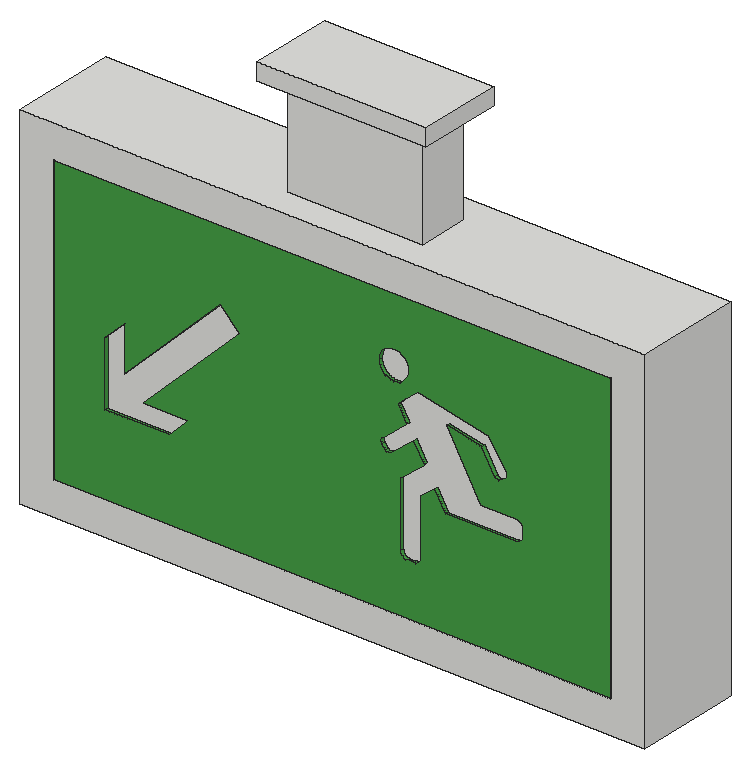
Revit family "T93063E Kubus65 LED 32m 2-s syrefast stål LED driver_Tak", category Lighting Fixtures, Revit 2016
Family settings
  Part Type = Normal
  Round Connector Dimension = Use Diameter
  OmniClass Number = 23.80.70.11.21
  OmniClass Title = Emergency Lighting
  Work Plane-Based = No
  Always vertical = Yes
  Cut with Voids When Loaded = No
  Light Source = Yes
  Shared = No
  Room Calculation Point = No
Parameters (values of type "MarkeringsLys (45 Ned mot venstre)")
  Width 1 = 30 mm  # constant formula
  Width = 63.5 mm  # constant formula
  Wattage Comments = "17 W"
  Wattage = 9.2903 W
  built-in parameter 1150110 = 1 (stored number, unit not read)
  Voltage = 230 V
  URL = ""
  Type Comments = "-UN"
  built-in parameter 1114217 = 1 (stored number, unit not read)
  Tilt Angle = 90.00°
  built-in parameter 1150109 = 1 (stored number, unit not read)
  built-in parameter 1150134 = 3
  Symbol Positive Direction [instance] = yes
  Symbol Offset Side [instance] = 0 mm
  Symbol Offset Out [instance] = 0 mm
  built-in parameter 1150113 = 1 (stored number, unit not read)
  Reference Line Out [instance] = 50 mm
  Photometric Web File = "20x42A12.ies"
  Number of Poles = 1
  NS8360 = "4431_WT2"
  Markeringslys normal = no
  Markeringslys ikke normal = yes
  MarkeringsLys Venstre = no
  MarkeringsLys Opp = no
  MarkeringsLys Ned = no
  MarkeringsLys Høyre = no
  MarkeringsLys 45 Opp mot venstre = no
  MarkeringsLys 45 Opp mot høyre = no
  MarkeringsLys 45 Ned mot venstre = yes
  MarkeringsLys 45 Ned mot høyre = no
  MarkeringsLys = yes
  built-in parameter 1150105 = 109.82 (stored number, unit not read)
  Lumens = 1380 lm
  built-in parameter 1150115 = 1 (stored number, unit not read)
  Load Classification [instance] = Other
  Model = ""
  Manufacturer = "Honeywell"
  built-in parameter 1150137 = (empty or 0)
  built-in parameter 1150139 = (empty or 0)
  Length 3 = 80 mm  # constant formula
  Length 1 = Length - 40 mm  # 330 mm
  Length = 370 mm  # constant formula
  LedeLys = no
  built-in parameter 1150112 = 1 (stored number, unit not read)
  built-in parameter 1150114 = 1 (stored number, unit not read)
  Lamp = "1"
  Keynote = "WT2"
  built-in parameter 1150132 = (empty or 0)
  built-in parameter 1150102 = (empty or 0)
  built-in parameter 1150107 = 3200 (stored number, unit not read)
  built-in parameter 1150138 = (empty or 0)
  built-in parameter 1150106 = 1.0982 (stored number, unit not read)
  Height 2 = 70 mm  # constant formula
  Height 1 = Height - 39 mm  # 170 mm
  Height = 209 mm  # constant formula
  Emit from Rectangle Width = Height  # 209 mm
  Emit from Rectangle Length = Length  # 370 mm
  Emit Shape Visible in Rendering = no
  built-in parameter 1150104 = 13.8 (stored number, unit not read)
  Dimming Lamp Color Temperature Shift = <None>
  Description = ""
  Color Filter = 16777215
  Body Material and Colour = Steel
  built-in parameter 1114218 = 1 (stored number, unit not read)
  built-in parameter 1150133 = 10 (stored number, unit not read)
  Assembly Code = "4431"
  Apparent Load = 17 VA
Types (9, lengths in mm): name | NS8360 | Markeringslys normal | Markeringslys ikke normal | MarkeringsLys Venstre | MarkeringsLys Opp | MarkeringsLys Ned | MarkeringsLys Høyre | MarkeringsLys 45 Opp mot venstre | MarkeringsLys 45 Opp mot høyre | MarkeringsLys 45 Ned mot venstre | MarkeringsLys 45 Ned mot høyre | MarkeringsLys | LedeLys | Assembly Code
  LedeLys | "4432_WT2" | yes | no | no | no | no | no | no | no | no | no | no | yes | "4432"
  MarkeringsLys (Ned) | "4431_WT2" | yes | no | no | no | yes | no | no | no | no | no | yes | no | "4431"
  MarkeringsLys (Opp) | "4431_WT2" | yes | no | no | yes | no | no | no | no | no | no | yes | no | "4431"
  MarkeringsLys (45 Ned mot høyre) | "4431_WT2" | yes | no | no | no | no | no | no | no | no | yes | yes | no | "4431"
  MarkeringsLys (45 Ned mot venstre) | "4431_WT2" | no | yes | no | no | no | no | no | no | yes | no | yes | no | "4431"
  MarkeringsLys (45 Opp mot høyre) | "4431_WT2" | yes | no | no | no | no | no | no | yes | no | no | yes | no | "4431"
  MarkeringsLys (45 Opp mot venstre) | "4431_WT2" | no | yes | no | no | no | no | yes | no | no | no | yes | no | "4431"
  MarkeringsLys (Høyre) | "4431_WT2" | yes | no | no | no | no | yes | no | no | no | no | yes | no | "4431"
  MarkeringsLys (Venstre) | "4431_WT2" | no | yes | yes | no | no | no | no | no | no | no | yes | no | "4431"
Reference planes
  plane 1 "Light Source Axis (F/B)": y = 119.961
  plane 2 "Top": z = 83
  plane 3 "Light Source Axis (L/R)": x = 0
  plane 4 "Level": z = 0
  plane 5: x = -185
  plane 6: x = 185
  plane 7: x = -165
  plane 8: x = 165
  plane 9: z = -174.5
  plane 10: z = -70
  plane 11: z = -279
  plane 12: z = -89.5
  plane 13: z = -259.5
  plane 14: y = 151.711
  plane 15: y = 88.211
  plane 16: x = -40
  plane 17: x = 40
  plane 18: y = 134.961
  plane 19: y = 104.961
  plane 20: y = 90.211
  plane 21: y = 149.711
Forms (mm)
  Extrusion 1, solid, material "Steel" <- "Body Material and Colour"
    sketch origin (0, 119.961, -31.25) x (1, 0, 0) y (0, 0, 1)
      loop
        line (-185, -38.75) -> (-185, -247.75) -> (185, -247.75) -> (185, -38.75) -> (-185, -38.75)
      loop
        line (-165, -58.25) -> (-165, -228.25) -> (165, -228.25) -> (165, -58.25) -> (-165, -58.25)
    from -31.75 to 31.75
  Extrusion 2, solid, material "Steel" <- "Body Material and Colour"
    sketch origin (0, 0, 0) x (1, 0, 0) y (0, 1, 0)
      loop
        line (-40, 134.961) -> (-40, 104.961) -> (40, 104.961) -> (40, 134.961) -> (-40, 134.961)
    from 0 to -70
  Extrusion 3, solid, material "Steel" <- "Body Material and Colour"
    sketch origin (0, 0, 0) x (0, 1, 0) y (0, 0, 1)
      loop
        line (149.711, -70) -> (90.211, -70) -> (90.211, -279) -> (149.711, -279) -> (149.711, -70)
    from -185 to 185
  Extrusion 4, solid, material "Steel" <- "Body Material and Colour"
    sketch origin (0, 0, 0) x (1, 0, 0) y (0, 1, 0)
      loop
        line (-50, 144.961) -> (-50, 94.961) -> (50, 94.961) -> (50, 144.961) -> (-50, 144.961)
    from 0 to -10
Cuts and joins
  joined: Extrusion 1, Extrusion 2, Extrusion 3, Extrusion 4
Lines and regions (mm)
  model lines, style "InvisibleLines"
    curve 1: line (0, 119.961, 0) -> (0, 169.961, 0)
  symbolic lines, style "InvisibleLines"
    curve 2: line (0, 119.961, 0) -> (0, 119.961, 50)
Dimensions and locks
  equal spacing: plane 5, plane 3 "Light Source Axis (L/R)", plane 6
  "Length": plane 5 to plane 6
  equal spacing: plane 7, plane 3 "Light Source Axis (L/R)", plane 8
  "Length 1": plane 7 to plane 8
  "Reference Line Out": plane 1 "Light Source Axis (F/B)" to curve 1
  "Height 2": plane 4 "Level" to plane 10
  "Emit from Rectangle Width": plane 10 to plane 11
  equal spacing: plane 10, plane 9, plane 11
  equal spacing: plane 12, plane 9, plane 13
  "Height 1": plane 12 to plane 13
  equal spacing: plane 14, plane 1 "Light Source Axis (F/B)", plane 15
  "Width": plane 14 to plane 15
  equal spacing: plane 16, plane 3 "Light Source Axis (L/R)", plane 17
  "Length 3": plane 16 to plane 17
  equal spacing: plane 18, plane 1 "Light Source Axis (F/B)", plane 19
  "Width 1": plane 18 to plane 19
  locked: Extrusion 4 sketch curve to plane 16 at 10
  locked: plane 17 to Extrusion 4 sketch curve at 10
  locked: plane 19 to Extrusion 4 sketch curve at 10
  locked: plane 18 to Extrusion 4 sketch curve at 10
  aligned and locked: plane 4 "Level" to level
  aligned and locked: plane 3 "Light Source Axis (L/R)" to nested 2
  aligned and locked: plane 1 "Light Source Axis (F/B)" to nested 2
  aligned and locked: Extrusion 1 sketch curve to plane 6
  aligned and locked: plane 5 to Extrusion 1 sketch curve
  aligned and locked: Extrusion 1 sketch curve to plane 7
  aligned and locked: Extrusion 1 sketch curve to plane 8
  aligned and locked: plane 9 to imposter light
  aligned and locked: imposter light to plane 3 "Light Source Axis (L/R)"
  aligned and locked: plane 1 "Light Source Axis (F/B)" to curve 1
  aligned and locked: plane 3 "Light Source Axis (L/R)" to curve 1
  aligned and locked: Extrusion 2 to plane 10
  aligned and locked: Extrusion 1 to plane 11
  aligned and locked: plane 10 to Extrusion 1
  aligned and locked: nested 1 to plane 3 "Light Source Axis (L/R)"
  aligned and locked: Extrusion 1 to Extrusion 3 sketch curve
  aligned and locked: plane 3 "Light Source Axis (L/R)" to nested 4
  aligned and locked: nested 6 to plane 3 "Light Source Axis (L/R)"
  aligned and locked: nested 6 to plane 9
  aligned and locked: plane 3 "Light Source Axis (L/R)" to nested 5
  aligned and locked: plane 9 to nested 5
  aligned and locked: nested 8 to plane 3 "Light Source Axis (L/R)"
  aligned and locked: nested 8 to plane 9
  aligned and locked: plane 9 to nested 7
  aligned and locked: plane 3 "Light Source Axis (L/R)" to nested 7
  aligned and locked: nested 9 to plane 9
  aligned and locked: nested 9 to plane 3 "Light Source Axis (L/R)"
  aligned and locked: plane 9 to nested 4
  aligned and locked: plane 3 "Light Source Axis (L/R)" to nested 3
  aligned and locked: plane 9 to nested 3
  aligned and locked: plane 9 to nested 10
  aligned and locked: plane 3 "Light Source Axis (L/R)" to nested 10
  aligned and locked: nested 11 to plane 3 "Light Source Axis (L/R)"
  aligned and locked: nested 11 to plane 9
  aligned and locked: plane 9 to nested 12
  aligned and locked: nested 13 to plane 9
  aligned and locked: plane 3 "Light Source Axis (L/R)" to nested 12
  aligned and locked: nested 13 to plane 3 "Light Source Axis (L/R)"
  aligned and locked: nested 15 to plane 9
  aligned and locked: plane 9 to nested 14
  aligned and locked: plane 3 "Light Source Axis (L/R)" to nested 14
  aligned and locked: nested 15 to plane 3 "Light Source Axis (L/R)"
  aligned and locked: plane 3 "Light Source Axis (L/R)" to nested 16
  aligned and locked: nested 17 to plane 3 "Light Source Axis (L/R)"
  aligned and locked: nested 17 to plane 9
  aligned and locked: plane 9 to nested 16
  aligned and locked: plane 17 to Extrusion 2
  aligned and locked: Extrusion 2 to plane 16
  aligned and locked: plane 18 to Extrusion 2
  aligned and locked: Extrusion 2 to plane 19
  aligned and locked: plane 14 to cut or joined group of Extrusion 1, Extrusion 2, Extrusion 3, Extrusion 4
  aligned and locked: nested 16 to plane 15
  aligned and locked: nested 17 to plane 14
  aligned and locked: Extrusion 1 sketch curve to plane 12
  aligned and locked: Extrusion 1 sketch curve to plane 13
  aligned and locked: cut or joined group of Extrusion 1, Extrusion 2, Extrusion 3, Extrusion 4 to plane 15
  aligned and locked: cut or joined group of Extrusion 1, Extrusion 2, Extrusion 3, Extrusion 4 to plane 20
  aligned and locked: plane 21 to cut or joined group of Extrusion 1, Extrusion 2, Extrusion 3, Extrusion 4
  aligned and locked: imposter light to plane 14
  aligned and locked: nested 11 to plane 14
  aligned and locked: nested 10 to plane 15
  aligned and locked: nested 13 to plane 14
  aligned and locked: nested 12 to plane 15
  aligned and locked: nested 8 to plane 14
  aligned and locked: nested 5 to plane 15
  aligned and locked: nested 15 to plane 14
  aligned and locked: nested 14 to plane 15
  aligned and locked: nested 9 to plane 14
  aligned and locked: nested 7 to plane 15
  aligned and locked: nested 1 to plane 14
  aligned and locked: nested 3 to plane 15
  aligned and locked: nested 6 to plane 14
  aligned and locked: nested 4 to plane 15
  aligned and locked: plane 3 "Light Source Axis (L/R)" to curve 2
  aligned and locked: plane 4 "Level" to curve 2
  aligned and locked: plane 3 "Light Source Axis (L/R)" to nested 18
  aligned and locked: plane 1 "Light Source Axis (F/B)" to nested 18
Automatic sketch dimensions
  Extrusion 1 sketch curve to plane 11 = 0 mm
  Extrusion 1 sketch curve to plane 10 = 0 mm
  Extrusion 2 sketch curve to plane 3 "Light Source Axis (L/R)" = 40 mm
  plane 3 "Light Source Axis (L/R)" to Extrusion 2 sketch curve = 40 mm
  Extrusion 2 sketch curve to plane 14 = 16.75 mm
  plane 15 to Extrusion 2 sketch curve = 16.75 mm
  Extrusion 3 sketch curve to plane 11 = 0 mm
  plane 1 "Light Source Axis (F/B)" to Extrusion 3 sketch curve = 29.75 mm
  Extrusion 3 sketch curve to plane 1 "Light Source Axis (F/B)" = 29.75 mm
  plane 2 "Top" to curve 2 = 33 mm
Nested families
  nested 1: "Formula 65_ned" at (0, 149.711, -174.5), type "Formula 65"
  nested 2: "LedelysS" at (0, 119.961, 0), visible <- "LedeLys", type "Type 1"
  nested 3: "Formula 65_ned" at (0, 90.211, -174.5), visible <- "MarkeringsLys Ned", type "Formula 65"
  nested 4: "Formula 65_opp" at (0, 90.211, -174.5), visible <- "MarkeringsLys Opp", type "Formula 65"
  nested 5: "Formula 65_skrått 45 grader ned mot venstre" at (0, 90.211, -174.5), type "Formula 65"
    with 45 ned mot venstre yes
  nested 6: "Formula 65_opp" at (0, 149.711, -174.5), type "Formula 65"
  nested 7: "Formula 65_skrått 45 grader opp mot venstre" at (0, 90.211, -174.5), type "Formula 65"
  nested 8: "Formula 65_skrått 45 grader ned mot venstre" at (0, 149.711, -174.5), type "Formula 65"
    with 45 ned mot venstre yes
  nested 9: "Formula 65_skrått 45 grader opp mot venstre" at (0, 149.711, -174.5), type "Formula 65"
  nested 10: "Formula 65_høyre" at (0, 90.211, -174.5), type "Formula 65"
  nested 11: "Formula 65_høyre" at (0, 149.711, -174.5), type "Formula 65"
  nested 12: "Formula 65_skrått 45 grader ned mot høyre" at (0, 90.211, -174.5), type "Formula 65"
  nested 13: "Formula 65_skrått 45 grader ned mot høyre" at (0, 149.711, -174.5), type "Formula 65"
  nested 14: "Formula 65_skrått 45 grader opp mot høyre" at (0, 90.211, -174.5), type "Formula 65"
  nested 15: "Formula 65_skrått 45 grader opp mot høyre" at (0, 149.711, -174.5), type "Formula 65"
  nested 16: "Formula 65_venstre" at (0, 90.211, -174.5), type "Formula 65"
    with Venstre no
  nested 17: "Formula 65_venstre" at (0, 149.711, -174.5), type "Formula 65"
    with Venstre no
  nested 18: "MarkeringslysDobbelS" at (0, 119.961, 0), visible <- "MarkeringsLys", type "Type 1"
    with Venstre ned 45 yes, Opp no, Normal no, Ikke normal yes
Connectors
  electrical at (0, 119.961, 0), driven by "Number of Poles", driven by "Load Classification", driven by "Voltage", driven by "Apparent Load"
    settings: index 1, voltage 230 V, apparent load 0 VA, apparent load phase1 17 VA, apparent load phase2 0 VA, apparent load phase3 0 VA, power factor 1, load classification "Other", number of poles 1, system type 31, power factor state 1, is connector primary yes, connector utility no, sub classification motor no, connector description ""
Definition of nested family "Formula 65_skrått 45 grader ned mot venstre"
  Parameters (values of type "Formula 65")
    L = 205 mm
    H = 135 mm
    45 ned mot venstre = no
  Reference planes
    plane 1 "Center (Front/Back)": y = 0
    plane 2: z = 0
    plane 3 "Center (Left/Right)": x = 0
    plane 4: y = -2
  Forms (mm)
    Extrusion 1, solid, visible <- "45 ned mot venstre"
      sketch origin (453.48, 0, -265.275) x (1, 0, 0) y (0, 0, 1)
        loop
          line (-288.48, 350.275) -> (-618.48, 350.275) -> (-618.48, 180.275) -> (-288.48, 180.275) -> (-288.48, 350.275)
        loop
          circle (-416.951, 312.164) r 8.743
        loop
          line (-409.79, 296.785) -> (-414.349, 292.225) -> (-409.237, 283.371) -> (-423.754, 271.19)
          arc (-423.754, 271.19) -> (-424.61, 269.546) -> (-424.052, 267.778) r 2.422
          line (-424.052, 267.778) -> (-421.977, 265.304)
          arc (-421.977, 265.304) -> (-420.333, 264.448) -> (-418.565, 265.006) r 2.422
          line (-418.565, 265.006) -> (-405.139, 276.272) -> (-398.991, 265.623) -> (-413.093, 253.79) -> (-413.093, 215.253)
          arc (-413.093, 215.253) -> (-411.911, 212.399) -> (-409.056, 211.217) r 4.036
          line (-409.056, 211.217) -> (-405.02, 211.217)
          arc (-405.02, 211.217) -> (-402.166, 212.399) -> (-400.984, 215.253) r 4.036
          line (-400.984, 215.253) -> (-400.984, 248.144) -> (-392.843, 254.975) -> (-386.394, 243.805) -> (-344.475, 243.805)
          arc (-344.475, 243.805) -> (-341.621, 244.987) -> (-340.439, 247.841) r 4.036
          line (-340.439, 247.841) -> (-340.439, 251.878)
          arc (-340.439, 251.878) -> (-341.621, 254.732) -> (-344.475, 255.914) r 4.036
          line (-344.475, 255.914) -> (-365.421, 255.914) -> (-385.749, 291.125) -> (-364.745, 287.035) -> (-357.179, 273.93)
          arc (-357.179, 273.93) -> (-355.647, 272.786) -> (-353.763, 273.11) r 2.422
          line (-353.763, 273.11) -> (-350.966, 274.927)
          arc (-350.966, 274.927) -> (-349.916, 276.454) -> (-350.254, 278.277) r 2.422
          line (-350.254, 278.277) -> (-360.781, 294.487) -> (-402.782, 302.665) -> (-409.79, 296.785)
        loop
          line (-588.076, 266.6) -> (-588.076, 228.328) -> (-549.805, 228.328) -> (-538.323, 239.81) -> (-565.113, 239.81) -> (-508.443, 296.48) -> (-519.924, 307.962) -> (-576.595, 251.291) -> (-576.595, 278.081) -> (-588.076, 266.6)
      from 0 to 2
  Dimensions and locks
    aligned and locked: level to plane 2
Definition of nested family "Formula 65_ned"
  Parameters (values of type "Formula 65")
    Ned = no
    L = 205 mm
    H = 135 mm
  Reference planes
    plane 1 "Center (Front/Back)": y = 0
    plane 2: z = 0
    plane 3 "Center (Left/Right)": x = 0
    plane 4: y = -2
  Forms (mm)
    Extrusion 1, solid, visible <- "Ned"
      sketch origin (453.48, 0, -265.275) x (1, 0, 0) y (0, 0, 1)
        loop
          line (-288.48, 350.275) -> (-618.48, 350.275) -> (-618.48, 180.275) -> (-288.48, 180.275) -> (-288.48, 350.275)
        loop
          line (-505.328, 240.087) -> (-505.328, 256.324) -> (-524.271, 237.38) -> (-524.271, 317.525) -> (-540.508, 317.525) -> (-540.508, 237.38) -> (-559.451, 256.324) -> (-559.451, 240.087) -> (-532.389, 213.025) -> (-505.328, 240.087)
        loop
          circle (-416.951, 312.164) r 8.743
        loop
          line (-409.79, 296.785) -> (-414.349, 292.225) -> (-409.237, 283.371) -> (-423.754, 271.19)
          arc (-423.754, 271.19) -> (-424.61, 269.546) -> (-424.052, 267.778) r 2.422
          line (-424.052, 267.778) -> (-421.977, 265.304)
          arc (-421.977, 265.304) -> (-420.333, 264.448) -> (-418.565, 265.006) r 2.422
          line (-418.565, 265.006) -> (-405.139, 276.272) -> (-398.991, 265.623) -> (-413.093, 253.79) -> (-413.093, 215.253)
          arc (-413.093, 215.253) -> (-411.911, 212.399) -> (-409.056, 211.217) r 4.036
          line (-409.056, 211.217) -> (-405.02, 211.217)
          arc (-405.02, 211.217) -> (-402.166, 212.399) -> (-400.984, 215.253) r 4.036
          line (-400.984, 215.253) -> (-400.984, 248.144) -> (-392.843, 254.975) -> (-386.394, 243.805) -> (-344.475, 243.805)
          arc (-344.475, 243.805) -> (-341.621, 244.987) -> (-340.439, 247.841) r 4.036
          line (-340.439, 247.841) -> (-340.439, 251.878)
          arc (-340.439, 251.878) -> (-341.621, 254.732) -> (-344.475, 255.914) r 4.036
          line (-344.475, 255.914) -> (-365.421, 255.914) -> (-385.749, 291.125) -> (-364.745, 287.035) -> (-357.179, 273.93)
          arc (-357.179, 273.93) -> (-355.647, 272.786) -> (-353.763, 273.11) r 2.422
          line (-353.763, 273.11) -> (-350.966, 274.927)
          arc (-350.966, 274.927) -> (-349.916, 276.454) -> (-350.254, 278.277) r 2.422
          line (-350.254, 278.277) -> (-360.781, 294.487) -> (-402.782, 302.665) -> (-409.79, 296.785)
      from 0 to 2
  Dimensions and locks
    aligned and locked: level to plane 2
Definition of nested family "LedelysS"
  Parameters
    CQ Symbol Positive Direction = yes
    CQ Symbol Negative Direction = not(CQ Symbol Positive Direction)  # no
    CQ Symbol Offset Side = 0 mm
    CQ Symbol Offset Out = 0 mm
  Reference planes
    plane 1: y = 0
    plane 2: x = 0
  Dimensions and locks
    "CQ Symbol Offset Out": plane 1 to nested 1
    "CQ Symbol Offset Out": plane 1 to nested 2
    "CQ Symbol Offset Side": plane 2 to nested 2
    "CQ Symbol Offset Side": nested 1 to plane 2
  Nested families
    nested 1: "LedelysSub" at (0, 0, 0), visible <- "CQ Symbol Negative Direction", type "Type 1"
    nested 2: "LedelysSub" at (0, 0, 0), visible <- "CQ Symbol Positive Direction", type "Type 1"
  Definition of nested family "LedelysSub"
    Reference planes
      plane 1: y = 0
      plane 2: x = 0
    Lines and regions (mm)
      detail lines
        curve 1: line (-4, -2, 0) -> (4, -2, 0)
        curve 2: line (4, -2, 0) -> (4, 2, 0)
        curve 3: line (4, 2, 0) -> (-4, 2, 0)
        curve 4: line (-4, 2, 0) -> (-4, -2, 0)
        curve 5: line (-3.097, -1.25, 0) -> (-0.597, 1.25, 0)
        curve 6: line (-3.097, 1.25, 0) -> (-0.597, -1.25, 0)
        curve 7: circle (-1.847, 0, 0) r 1.2 normal (0, 0, 1)
    Text (mm)
      text "LL" at (2.179, 1.025, 0)
Definition of nested family "Formula 65_opp"
  Parameters (values of type "Formula 65")
    Up = no
    L = 205 mm
    H = 135 mm
  Reference planes
    plane 1 "Center (Front/Back)": y = 0
    plane 2: z = 0
    plane 3 "Center (Left/Right)": x = 0
    plane 4: y = -2
  Forms (mm)
    Extrusion 1, solid, visible <- "Up"
      sketch origin (453.48, 0, -265.275) x (1, 0, 0) y (0, 0, 1)
        loop
          line (-288.48, 350.275) -> (-618.48, 350.275) -> (-618.48, 180.275) -> (-288.48, 180.275) -> (-288.48, 350.275)
        loop
          circle (-406.951, 312.164) r 8.743
        loop
          line (-399.79, 296.785) -> (-404.349, 292.225) -> (-399.237, 283.371) -> (-413.754, 271.19)
          arc (-413.754, 271.19) -> (-414.61, 269.546) -> (-414.052, 267.778) r 2.422
          line (-414.052, 267.778) -> (-411.977, 265.304)
          arc (-411.977, 265.304) -> (-410.333, 264.448) -> (-408.565, 265.006) r 2.422
          line (-408.565, 265.006) -> (-395.139, 276.272) -> (-388.991, 265.623) -> (-403.093, 253.79) -> (-403.093, 215.253)
          arc (-403.093, 215.253) -> (-401.911, 212.399) -> (-399.056, 211.217) r 4.036
          line (-399.056, 211.217) -> (-395.02, 211.217)
          arc (-395.02, 211.217) -> (-392.166, 212.399) -> (-390.984, 215.253) r 4.036
          line (-390.984, 215.253) -> (-390.984, 248.144) -> (-382.843, 254.975) -> (-376.394, 243.805) -> (-334.475, 243.805)
          arc (-334.475, 243.805) -> (-331.621, 244.987) -> (-330.439, 247.841) r 4.036
          line (-330.439, 247.841) -> (-330.439, 251.878)
          arc (-330.439, 251.878) -> (-331.621, 254.732) -> (-334.475, 255.914) r 4.036
          line (-334.475, 255.914) -> (-355.421, 255.914) -> (-375.749, 291.125) -> (-354.745, 287.035) -> (-347.179, 273.93)
          arc (-347.179, 273.93) -> (-345.647, 272.786) -> (-343.763, 273.11) r 2.422
          line (-343.763, 273.11) -> (-340.966, 274.927)
          arc (-340.966, 274.927) -> (-339.916, 276.454) -> (-340.254, 278.277) r 2.422
          line (-340.254, 278.277) -> (-350.781, 294.487) -> (-392.782, 302.665) -> (-399.79, 296.785)
        loop
          line (-505.328, 290.463) -> (-532.389, 317.525) -> (-559.451, 290.463) -> (-559.451, 274.226) -> (-540.508, 293.169) -> (-540.508, 213.025) -> (-524.271, 213.025) -> (-524.271, 293.169) -> (-505.328, 274.226) -> (-505.328, 290.463)
      from 0 to 2
  Dimensions and locks
    aligned and locked: level to plane 2
Definition of nested family "Formula 65_skrått 45 grader opp mot venstre"
  Parameters (values of type "Formula 65")
    L = 205 mm
    H = 135 mm
    45 opp mot venstre = no
  Reference planes
    plane 1 "Center (Front/Back)": y = 0
    plane 2: z = 0
    plane 3 "Center (Left/Right)": x = 0
    plane 4: y = -2
  Forms (mm)
    Extrusion 1, solid, visible <- "45 opp mot venstre"
      sketch origin (453.48, 0, -265.275) x (1, 0, 0) y (0, 0, 1)
        loop
          line (-288.48, 350.275) -> (-618.48, 350.275) -> (-618.48, 180.275) -> (-288.48, 180.275) -> (-288.48, 350.275)
        loop
          circle (-420.272, 307.901) r 7.948
        loop
          line (-413.762, 293.92) -> (-417.907, 289.775) -> (-413.259, 281.726) -> (-426.456, 270.652)
          arc (-426.456, 270.652) -> (-427.234, 269.157) -> (-426.728, 267.55) r 2.202
          line (-426.728, 267.55) -> (-424.841, 265.302)
          arc (-424.841, 265.302) -> (-423.346, 264.524) -> (-421.739, 265.03) r 2.202
          line (-421.739, 265.03) -> (-409.533, 275.272) -> (-403.944, 265.592) -> (-416.764, 254.834) -> (-416.764, 219.801)
          arc (-416.764, 219.801) -> (-415.69, 217.206) -> (-413.095, 216.131) r 3.669
          line (-413.095, 216.131) -> (-409.425, 216.131)
          arc (-409.425, 216.131) -> (-406.831, 217.206) -> (-405.756, 219.801) r 3.669
          line (-405.756, 219.801) -> (-405.756, 249.701) -> (-398.355, 255.911) -> (-392.493, 245.757) -> (-354.384, 245.757)
          arc (-354.384, 245.757) -> (-351.79, 246.832) -> (-350.715, 249.426) r 3.669
          line (-350.715, 249.426) -> (-350.715, 253.096)
          arc (-350.715, 253.096) -> (-351.79, 255.69) -> (-354.384, 256.765) r 3.669
          line (-354.384, 256.765) -> (-373.426, 256.765) -> (-391.907, 288.775) -> (-372.812, 285.056) -> (-365.934, 273.144)
          arc (-365.934, 273.144) -> (-364.541, 272.104) -> (-362.828, 272.398) r 2.202
          line (-362.828, 272.398) -> (-360.285, 274.049)
          arc (-360.285, 274.049) -> (-359.331, 275.438) -> (-359.638, 277.095) r 2.202
          line (-359.638, 277.095) -> (-369.208, 291.831) -> (-407.391, 299.266) -> (-413.762, 293.92)
        loop
          line (-575.84, 264.07) -> (-565.402, 253.633) -> (-565.402, 277.987) -> (-513.883, 226.468) -> (-503.446, 236.906) -> (-554.965, 288.425) -> (-530.61, 288.425) -> (-541.048, 298.862) -> (-575.84, 298.862) -> (-575.84, 264.07)
      from 0 to 2
  Dimensions and locks
    aligned and locked: level to plane 2
Definition of nested family "Formula 65_høyre"
  Parameters (values of type "Formula 65")
    L = 205 mm
    Høyre = no
    H = 135 mm
  Reference planes
    plane 1 "Center (Front/Back)": y = 0
    plane 2: z = 0
    plane 3 "Center (Left/Right)": x = 0
    plane 4: y = -2
  Forms (mm)
    Extrusion 1, solid, visible <- "Høyre"
      sketch origin (453.48, 0, -265.275) x (1, 0, 0) y (0, 0, 1)
        loop
          line (-288.48, 350.275) -> (-618.48, 350.275) -> (-618.48, 180.275) -> (-288.48, 180.275) -> (-288.48, 350.275)
        loop
          circle (-490.008, 312.164) r 8.743
        loop
          line (-497.169, 296.785) -> (-504.177, 302.665) -> (-546.178, 294.487) -> (-556.705, 278.277)
          arc (-556.705, 278.277) -> (-557.043, 276.454) -> (-555.993, 274.927) r 2.422
          line (-555.993, 274.927) -> (-553.196, 273.11)
          arc (-553.196, 273.11) -> (-551.312, 272.786) -> (-549.78, 273.93) r 2.422
          line (-549.78, 273.93) -> (-542.214, 287.035) -> (-521.21, 291.125) -> (-541.539, 255.914) -> (-562.484, 255.914)
          arc (-562.484, 255.914) -> (-565.338, 254.732) -> (-566.52, 251.878) r 4.036
          line (-566.52, 251.878) -> (-566.52, 247.841)
          arc (-566.52, 247.841) -> (-565.338, 244.987) -> (-562.484, 243.805) r 4.036
          line (-562.484, 243.805) -> (-520.565, 243.805) -> (-514.116, 254.975) -> (-505.975, 248.144) -> (-505.975, 215.253)
          arc (-505.975, 215.253) -> (-504.793, 212.399) -> (-501.939, 211.217) r 4.036
          line (-501.939, 211.217) -> (-497.903, 211.217)
          arc (-497.903, 211.217) -> (-495.049, 212.399) -> (-493.866, 215.253) r 4.036
          line (-493.866, 215.253) -> (-493.866, 253.79) -> (-507.968, 265.623) -> (-501.82, 276.272) -> (-488.394, 265.006)
          arc (-488.394, 265.006) -> (-486.627, 264.448) -> (-484.982, 265.304) r 2.422
          line (-484.982, 265.304) -> (-482.907, 267.778)
          arc (-482.907, 267.778) -> (-482.349, 269.546) -> (-483.205, 271.19) r 2.422
          line (-483.205, 271.19) -> (-497.722, 283.371) -> (-492.61, 292.225) -> (-497.169, 296.785)
        loop
          line (-343.016, 292.337) -> (-359.253, 292.337) -> (-340.31, 273.393) -> (-420.455, 273.393) -> (-420.455, 257.156) -> (-340.31, 257.156) -> (-359.253, 238.213) -> (-343.016, 238.213) -> (-315.955, 265.275) -> (-343.016, 292.337)
      from 0 to 2
  Dimensions and locks
    aligned and locked: level to plane 2
Definition of nested family "Formula 65_skrått 45 grader ned mot høyre"
  Parameters (values of type "Formula 65")
    L = 205 mm
    H = 135 mm
    45 ned mot høyre = no
  Reference planes
    plane 1 "Center (Front/Back)": y = 0
    plane 2: z = 0
    plane 3 "Center (Left/Right)": x = 0
    plane 4: y = -2
  Forms (mm)
    Extrusion 1, solid, visible <- "45 ned mot høyre"
      sketch origin (453.48, 0, -265.275) x (1, 0, 0) y (0, 0, 1)
        loop
          line (-288.48, 350.275) -> (-618.48, 350.275) -> (-618.48, 180.275) -> (-288.48, 180.275) -> (-288.48, 350.275)
        loop
          circle (-490.008, 312.164) r 8.743
        loop
          line (-497.169, 296.785) -> (-504.177, 302.665) -> (-546.178, 294.487) -> (-556.705, 278.277)
          arc (-556.705, 278.277) -> (-557.043, 276.454) -> (-555.993, 274.927) r 2.422
          line (-555.993, 274.927) -> (-553.196, 273.11)
          arc (-553.196, 273.11) -> (-551.312, 272.786) -> (-549.78, 273.93) r 2.422
          line (-549.78, 273.93) -> (-542.214, 287.035) -> (-521.21, 291.125) -> (-541.539, 255.914) -> (-562.484, 255.914)
          arc (-562.484, 255.914) -> (-565.338, 254.732) -> (-566.52, 251.878) r 4.036
          line (-566.52, 251.878) -> (-566.52, 247.841)
          arc (-566.52, 247.841) -> (-565.338, 244.987) -> (-562.484, 243.805) r 4.036
          line (-562.484, 243.805) -> (-520.565, 243.805) -> (-514.116, 254.975) -> (-505.975, 248.144) -> (-505.975, 215.253)
          arc (-505.975, 215.253) -> (-504.793, 212.399) -> (-501.939, 211.217) r 4.036
          line (-501.939, 211.217) -> (-497.903, 211.217)
          arc (-497.903, 211.217) -> (-495.049, 212.399) -> (-493.866, 215.253) r 4.036
          line (-493.866, 215.253) -> (-493.866, 253.79) -> (-507.968, 265.623) -> (-501.82, 276.272) -> (-488.394, 265.006)
          arc (-488.394, 265.006) -> (-486.627, 264.448) -> (-484.982, 265.304) r 2.422
          line (-484.982, 265.304) -> (-482.907, 267.778)
          arc (-482.907, 267.778) -> (-482.349, 269.546) -> (-483.205, 271.19) r 2.422
          line (-483.205, 271.19) -> (-497.722, 283.371) -> (-492.61, 292.225) -> (-497.169, 296.785)
        loop
          line (-324.383, 266.6) -> (-335.865, 278.081) -> (-335.865, 251.291) -> (-392.535, 307.962) -> (-404.017, 296.48) -> (-347.346, 239.81) -> (-374.136, 239.81) -> (-362.654, 228.328) -> (-324.383, 228.328) -> (-324.383, 266.6)
      from 0 to 2
  Dimensions and locks
    aligned and locked: level to plane 2
Definition of nested family "Formula 65_skrått 45 grader opp mot høyre"
  Parameters (values of type "Formula 65")
    L = 205 mm
    H = 135 mm
    45 grader opp mot høyre = no
  Reference planes
    plane 1 "Center (Front/Back)": y = 0
    plane 2: z = 0
    plane 3 "Center (Left/Right)": x = 0
    plane 4: y = -2
  Forms (mm)
    Extrusion 1, solid, visible <- "45 grader opp mot høyre"
      sketch origin (453.48, 0, -265.275) x (1, 0, 0) y (0, 0, 1)
        loop
          line (-288.48, 350.275) -> (-618.48, 350.275) -> (-618.48, 180.275) -> (-288.48, 180.275) -> (-288.48, 350.275)
        loop
          circle (-505.008, 312.164) r 8.743
        loop
          line (-512.169, 296.785) -> (-519.177, 302.665) -> (-561.178, 294.487) -> (-571.705, 278.277)
          arc (-571.705, 278.277) -> (-572.043, 276.454) -> (-570.993, 274.927) r 2.422
          line (-570.993, 274.927) -> (-568.196, 273.11)
          arc (-568.196, 273.11) -> (-566.312, 272.786) -> (-564.78, 273.93) r 2.422
          line (-564.78, 273.93) -> (-557.214, 287.035) -> (-536.21, 291.125) -> (-556.539, 255.914) -> (-577.484, 255.914)
          arc (-577.484, 255.914) -> (-580.338, 254.732) -> (-581.52, 251.878) r 4.036
          line (-581.52, 251.878) -> (-581.52, 247.841)
          arc (-581.52, 247.841) -> (-580.338, 244.987) -> (-577.484, 243.805) r 4.036
          line (-577.484, 243.805) -> (-535.565, 243.805) -> (-529.116, 254.975) -> (-520.975, 248.144) -> (-520.975, 215.253)
          arc (-520.975, 215.253) -> (-519.793, 212.399) -> (-516.939, 211.217) r 4.036
          line (-516.939, 211.217) -> (-512.903, 211.217)
          arc (-512.903, 211.217) -> (-510.049, 212.399) -> (-508.866, 215.253) r 4.036
          line (-508.866, 215.253) -> (-508.866, 253.79) -> (-522.968, 265.623) -> (-516.82, 276.272) -> (-503.394, 265.006)
          arc (-503.394, 265.006) -> (-501.627, 264.448) -> (-499.982, 265.304) r 2.422
          line (-499.982, 265.304) -> (-497.907, 267.778)
          arc (-497.907, 267.778) -> (-497.349, 269.546) -> (-498.205, 271.19) r 2.422
          line (-498.205, 271.19) -> (-512.722, 283.371) -> (-507.61, 292.225) -> (-512.169, 296.785)
        loop
          line (-324.383, 263.95) -> (-324.383, 302.221) -> (-362.654, 302.221) -> (-374.136, 290.74) -> (-347.346, 290.74) -> (-404.017, 234.069) -> (-392.535, 222.588) -> (-335.865, 279.258) -> (-335.865, 252.469) -> (-324.383, 263.95)
      from 0 to 2
  Dimensions and locks
    aligned and locked: level to plane 2
Definition of nested family "Formula 65_venstre"
  Parameters (values of type "Formula 65")
    Venstre = yes
    L = 205 mm
    H = 135 mm
  Reference planes
    plane 1 "Center (Front/Back)": y = 0
    plane 2: z = 0
    plane 3 "Center (Left/Right)": x = 0
    plane 4: y = -2
  Forms (mm)
    Extrusion 1, solid, visible <- "Venstre"
      sketch origin (453.48, 0, -265.275) x (1, 0, 0) y (0, 0, 1)
        loop
          line (-288.48, 350.275) -> (-618.48, 350.275) -> (-618.48, 180.275) -> (-288.48, 180.275) -> (-288.48, 350.275)
        loop
          circle (-401.951, 312.164) r 8.743
        loop
          line (-394.79, 296.785) -> (-399.349, 292.225) -> (-394.237, 283.371) -> (-408.754, 271.19)
          arc (-408.754, 271.19) -> (-409.61, 269.546) -> (-409.052, 267.778) r 2.422
          line (-409.052, 267.778) -> (-406.977, 265.304)
          arc (-406.977, 265.304) -> (-405.333, 264.448) -> (-403.565, 265.006) r 2.422
          line (-403.565, 265.006) -> (-390.139, 276.272) -> (-383.991, 265.623) -> (-398.093, 253.79) -> (-398.093, 215.253)
          arc (-398.093, 215.253) -> (-396.911, 212.399) -> (-394.056, 211.217) r 4.036
          line (-394.056, 211.217) -> (-390.02, 211.217)
          arc (-390.02, 211.217) -> (-387.166, 212.399) -> (-385.984, 215.253) r 4.036
          line (-385.984, 215.253) -> (-385.984, 248.144) -> (-377.843, 254.975) -> (-371.394, 243.805) -> (-329.475, 243.805)
          arc (-329.475, 243.805) -> (-326.621, 244.987) -> (-325.439, 247.841) r 4.036
          line (-325.439, 247.841) -> (-325.439, 251.878)
          arc (-325.439, 251.878) -> (-326.621, 254.732) -> (-329.475, 255.914) r 4.036
          line (-329.475, 255.914) -> (-350.421, 255.914) -> (-370.749, 291.125) -> (-349.745, 287.035) -> (-342.179, 273.93)
          arc (-342.179, 273.93) -> (-340.647, 272.786) -> (-338.763, 273.11) r 2.422
          line (-338.763, 273.11) -> (-335.966, 274.927)
          arc (-335.966, 274.927) -> (-334.916, 276.454) -> (-335.254, 278.277) r 2.422
          line (-335.254, 278.277) -> (-345.781, 294.487) -> (-387.782, 302.665) -> (-394.79, 296.785)
        loop
          line (-563.943, 292.337) -> (-591.005, 265.275) -> (-563.943, 238.213) -> (-547.706, 238.213) -> (-566.649, 257.156) -> (-486.505, 257.156) -> (-486.505, 273.393) -> (-566.649, 273.393) -> (-547.706, 292.337) -> (-563.943, 292.337)
      from 0 to 2
  Dimensions and locks
    aligned and locked: level to plane 2
Definition of nested family "MarkeringslysDobbelS"
  Parameters (values of type "Type 1")
    Venstre opp 45 = no
    Venstre ned 45 = no
    Venstre = no
    Opp = yes
    Normal = yes
    Ned = no
    Ikke normal = no
    Høyre opp 45 = no
    Høyre ned 45 = no
    Høyre = no
    CQ Symbol Positive Direction = yes
    CQ Symbol Negative Direction = not(CQ Symbol Positive Direction)  # no
    CQ Symbol Offset Side = 0 mm
    CQ Symbol Offset Out = 0 mm
  Reference planes
    plane 1: y = 0
    plane 2: x = 0
  Dimensions and locks
    "CQ Symbol Offset Out": plane 1 to nested 1
    "CQ Symbol Offset Out": plane 1 to nested 2
    "CQ Symbol Offset Side": plane 2 to nested 2
    "CQ Symbol Offset Side": nested 1 to plane 2
  Nested families
    nested 1: "Markeringslys dobbel" at (0, 0, 0), visible <- "CQ Symbol Negative Direction", type "Type 1"
    nested 2: "Markeringslys dobbel" at (0, 0, 0), visible <- "CQ Symbol Positive Direction", type "Type 1"
  Definition of nested family "Markeringslys dobbel"
    Parameters (values of type "Type 1")
      Venstre opp 45 = no
      Venstre ned 45 = no
      Venstre = no
      Opp = yes
      Normal = yes
      Ned = no
      Ikke normal = no
      Høyre opp 45 = no
      Høyre ned 45 = no
      Høyre = no
    Reference planes
      plane 1: y = 0
      plane 2: x = 0
    Lines and regions (mm)
      detail lines
        curve 1: line (4, -4, 0) -> (-4, -4, 0)
        curve 2: line (-4, -4, 0) -> (-4, 0, 0)
        curve 3: line (-4, 0, 0) -> (4, 0, 0)
        curve 4: line (4, 0, 0) -> (4, -4, 0)
        curve 45: line (-4, 4, 0) -> (4, 4, 0)
        curve 46: line (4, 4, 0) -> (4, 0, 0)
        curve 47: line (4, 0, 0) -> (-4, 0, 0)
        curve 48: line (-4, 0, 0) -> (-4, 4, 0)
        curve 58: circle (1.212, 0.614, 0) r 0.3 normal (0, 0, -1)
      detail lines, visible <- "Ned"
        curve 5: line (2.346, -0.5, 0) -> (1.646, -0.5, 0)
        curve 6: line (2.346, -0.5, 0) -> (2.346, -2.584, 0)
        curve 7: line (1.646, -0.5, 0) -> (1.646, -2.584, 0)
        curve 8: line (1.996, -3.5, 0) -> (2.996, -2.5, 0)
        curve 9: line (2.996, -2.5, 0) -> (2.996, -1.934, 0)
        curve 10: line (2.996, -1.934, 0) -> (2.346, -2.584, 0)
        curve 11: line (1.996, -3.5, 0) -> (0.996, -2.5, 0)
        curve 12: line (0.996, -2.5, 0) -> (0.996, -1.934, 0)
        curve 13: line (0.996, -1.934, 0) -> (1.646, -2.584, 0)
        curve 49: line (-2.346, 0.5, 0) -> (-1.646, 0.5, 0)
        curve 50: line (-2.346, 0.5, 0) -> (-2.346, 2.584, 0)
        curve 51: line (-1.646, 0.5, 0) -> (-1.646, 2.584, 0)
        curve 52: line (-1.996, 3.5, 0) -> (-2.996, 2.5, 0)
        curve 53: line (-2.996, 2.5, 0) -> (-2.996, 1.934, 0)
        curve 54: line (-2.996, 1.934, 0) -> (-2.346, 2.584, 0)
        curve 55: line (-1.996, 3.5, 0) -> (-0.996, 2.5, 0)
        curve 56: line (-0.996, 2.5, 0) -> (-0.996, 1.934, 0)
        curve 57: line (-0.996, 1.934, 0) -> (-1.646, 2.584, 0)
      detail lines, visible <- "Normal"
        curve 14: circle (-1.212, -0.614, 0) r 0.3 normal (0, 0, -1)
        curve 15: line (-0.986, -3.7, 0) -> (-1.395, -3.7, 0)
        curve 16: line (-0.986, -3.7, 0) -> (-1.823, -2.308, 0)
        curve 17: line (-1.823, -2.308, 0) -> (-1.461, -1.495, 0)
        curve 18: line (-1.069, -2.147, 0) -> (-1.461, -1.495, 0)
        curve 19: line (-1.069, -2.147, 0) -> (-0.487, -2.147, 0)
        curve 20: line (-0.487, -2.147, 0) -> (-0.487, -1.847, 0)
        curve 21: line (-0.487, -1.847, 0) -> (-0.899, -1.847, 0)
        curve 22: line (-0.899, -1.847, 0) -> (-1.307, -1.169, 0)
        curve 23: line (-1.395, -3.7, 0) -> (-2.104, -2.518, 0)
        curve 24: line (-1.307, -1.169, 0) -> (-1.753, -0.97, 0)
        curve 25: line (-1.753, -0.97, 0) -> (-2.625, -0.97, 0)
        curve 26: line (-2.625, -0.97, 0) -> (-2.99, -1.627, 0)
        curve 27: line (-2.99, -1.627, 0) -> (-2.769, -1.848, 0)
        curve 28: line (-2.769, -1.848, 0) -> (-2.457, -1.285, 0)
        curve 29: line (-2.104, -2.518, 0) -> (-2.259, -3.229, 0)
        curve 30: line (-2.259, -3.229, 0) -> (-3.557, -3.229, 0)
        curve 31: line (-3.557, -3.229, 0) -> (-3.457, -2.879, 0)
        curve 32: line (-3.457, -2.879, 0) -> (-2.541, -2.879, 0)
        curve 33: line (-2.541, -2.879, 0) -> (-2.4, -2.23, 0)
        curve 34: line (-2.4, -2.23, 0) -> (-2.021, -1.38, 0)
        curve 35: line (-2.021, -1.38, 0) -> (-2.457, -1.285, 0)
        curve 59: line (0.986, 3.7, 0) -> (1.395, 3.7, 0)
        curve 60: line (0.986, 3.7, 0) -> (1.823, 2.308, 0)
        curve 61: line (1.823, 2.308, 0) -> (1.461, 1.495, 0)
        curve 62: line (1.069, 2.147, 0) -> (1.461, 1.495, 0)
        curve 63: line (1.069, 2.147, 0) -> (0.487, 2.147, 0)
        curve 64: line (0.487, 2.147, 0) -> (0.487, 1.847, 0)
        curve 65: line (0.487, 1.847, 0) -> (0.899, 1.847, 0)
        curve 66: line (0.899, 1.847, 0) -> (1.307, 1.169, 0)
        curve 67: line (1.395, 3.7, 0) -> (2.104, 2.518, 0)
        curve 68: line (1.307, 1.169, 0) -> (1.753, 0.97, 0)
        curve 69: line (1.753, 0.97, 0) -> (2.625, 0.97, 0)
        curve 70: line (2.625, 0.97, 0) -> (2.99, 1.627, 0)
        curve 71: line (2.99, 1.627, 0) -> (2.769, 1.848, 0)
        curve 72: line (2.769, 1.848, 0) -> (2.457, 1.285, 0)
        curve 73: line (2.104, 2.518, 0) -> (2.259, 3.229, 0)
        curve 74: line (2.259, 3.229, 0) -> (3.557, 3.229, 0)
        curve 75: line (3.557, 3.229, 0) -> (3.457, 2.879, 0)
        curve 76: line (3.457, 2.879, 0) -> (2.541, 2.879, 0)
        curve 77: line (2.541, 2.879, 0) -> (2.4, 2.23, 0)
        curve 78: line (2.4, 2.23, 0) -> (2.021, 1.38, 0)
        curve 79: line (2.021, 1.38, 0) -> (2.457, 1.285, 0)
      detail lines, visible <- "Opp"
        curve 36: line (1.646, -3.5, 0) -> (2.346, -3.5, 0)
        curve 37: line (1.646, -3.5, 0) -> (1.646, -1.416, 0)
        curve 38: line (2.346, -3.5, 0) -> (2.346, -1.416, 0)
        curve 39: line (1.996, -0.5, 0) -> (0.996, -1.5, 0)
        curve 40: line (0.996, -1.5, 0) -> (0.996, -2.066, 0)
        curve 41: line (0.996, -2.066, 0) -> (1.646, -1.416, 0)
        curve 42: line (1.996, -0.5, 0) -> (2.996, -1.5, 0)
        curve 43: line (2.996, -1.5, 0) -> (2.996, -2.066, 0)
        curve 44: line (2.996, -2.066, 0) -> (2.346, -1.416, 0)
        curve 80: line (-1.646, 3.5, 0) -> (-2.346, 3.5, 0)
        curve 81: line (-1.646, 3.5, 0) -> (-1.646, 1.416, 0)
        curve 82: line (-2.346, 3.5, 0) -> (-2.346, 1.416, 0)
        curve 83: line (-1.996, 0.5, 0) -> (-0.996, 1.5, 0)
        curve 84: line (-0.996, 1.5, 0) -> (-0.996, 2.066, 0)
        curve 85: line (-0.996, 2.066, 0) -> (-1.646, 1.416, 0)
        curve 86: line (-1.996, 0.5, 0) -> (-2.996, 1.5, 0)
        curve 87: line (-2.996, 1.5, 0) -> (-2.996, 2.066, 0)
        curve 88: line (-2.996, 2.066, 0) -> (-2.346, 1.416, 0)
      detail lines, visible <- "Høyre"
        curve 89: line (0.496, -1.65, 0) -> (0.496, -2.35, 0)
        curve 90: line (0.496, -1.65, 0) -> (2.58, -1.65, 0)
        curve 91: line (0.496, -2.35, 0) -> (2.58, -2.35, 0)
        curve 92: line (3.496, -2, 0) -> (2.496, -1, 0)
        curve 93: line (2.496, -1, 0) -> (1.93, -1, 0)
        curve 94: line (1.93, -1, 0) -> (2.58, -1.65, 0)
        curve 95: line (3.496, -2, 0) -> (2.496, -3, 0)
        curve 96: line (2.496, -3, 0) -> (1.93, -3, 0)
        curve 97: line (1.93, -3, 0) -> (2.58, -2.35, 0)
        curve 100: line (-0.496, 1.65, 0) -> (-0.496, 2.35, 0)
        curve 101: line (-0.496, 1.65, 0) -> (-2.58, 1.65, 0)
        curve 102: line (-0.496, 2.35, 0) -> (-2.58, 2.35, 0)
        curve 103: line (-3.496, 2, 0) -> (-2.466, 0.97, 0)
        curve 104: line (-2.496, 1, 0) -> (-1.93, 1, 0)
        curve 105: line (-1.93, 1, 0) -> (-2.58, 1.65, 0)
        curve 106: line (-3.496, 2, 0) -> (-2.496, 3, 0)
        curve 107: line (-2.496, 3, 0) -> (-1.93, 3, 0)
        curve 108: line (-1.93, 3, 0) -> (-2.58, 2.35, 0)
      detail lines, visible <- "Venstre"
        curve 98: line (-1.496, 1, 0) -> (-2.062, 1, 0)
        curve 99: line (-2.062, 1, 0) -> (-1.412, 1.65, 0)
        curve 131: line (-0.409, -1.65, 0) -> (-0.409, -2.35, 0)
        curve 132: line (-0.409, -1.65, 0) -> (-2.493, -1.65, 0)
        curve 133: line (-0.409, -2.35, 0) -> (-2.493, -2.35, 0)
        curve 134: line (-3.409, -2, 0) -> (-2.409, -1, 0)
        curve 135: line (-2.409, -1, 0) -> (-1.843, -1, 0)
        curve 136: line (-1.843, -1, 0) -> (-2.493, -1.65, 0)
        curve 137: line (-3.409, -2, 0) -> (-2.409, -3, 0)
        curve 138: line (-2.409, -3, 0) -> (-1.843, -3, 0)
        curve 139: line (-1.843, -3, 0) -> (-2.493, -2.35, 0)
        curve 162: line (0.409, 1.65, 0) -> (0.409, 2.35, 0)
        curve 163: line (0.409, 1.65, 0) -> (2.493, 1.65, 0)
        curve 164: line (0.409, 2.35, 0) -> (2.493, 2.35, 0)
        curve 165: line (3.409, 2, 0) -> (2.409, 1, 0)
        curve 166: line (2.409, 1, 0) -> (1.843, 1, 0)
        curve 167: line (1.843, 1, 0) -> (2.493, 1.65, 0)
        curve 168: line (3.409, 2, 0) -> (2.409, 3, 0)
        curve 169: line (2.409, 3, 0) -> (1.843, 3, 0)
        curve 170: line (1.843, 3, 0) -> (2.493, 2.35, 0)
      detail lines, visible <- "Ikke normal"
        curve 109: circle (1.299, -0.614, 0) r 0.3 normal (0, 0, 1)
        curve 110: line (1.073, -3.7, 0) -> (1.482, -3.7, 0)
        curve 111: line (1.073, -3.7, 0) -> (1.91, -2.308, 0)
        curve 112: line (1.91, -2.308, 0) -> (1.548, -1.495, 0)
        curve 113: line (1.156, -2.147, 0) -> (1.548, -1.495, 0)
        curve 114: line (1.156, -2.147, 0) -> (0.574, -2.147, 0)
        curve 115: line (0.574, -2.147, 0) -> (0.574, -1.847, 0)
        curve 116: line (0.574, -1.847, 0) -> (0.986, -1.847, 0)
        curve 117: line (0.986, -1.847, 0) -> (1.394, -1.169, 0)
        curve 118: line (1.482, -3.7, 0) -> (2.192, -2.518, 0)
        curve 119: line (1.394, -1.169, 0) -> (1.84, -0.97, 0)
        curve 120: line (1.84, -0.97, 0) -> (2.713, -0.97, 0)
        curve 121: line (2.713, -0.97, 0) -> (3.077, -1.627, 0)
        curve 122: line (3.077, -1.627, 0) -> (2.856, -1.848, 0)
        curve 123: line (2.856, -1.848, 0) -> (2.544, -1.285, 0)
        curve 124: line (2.192, -2.518, 0) -> (2.346, -3.229, 0)
        curve 125: line (2.346, -3.229, 0) -> (3.644, -3.229, 0)
        curve 126: line (3.644, -3.229, 0) -> (3.544, -2.879, 0)
        curve 127: line (3.544, -2.879, 0) -> (2.628, -2.879, 0)
        curve 128: line (2.628, -2.879, 0) -> (2.487, -2.23, 0)
        curve 129: line (2.487, -2.23, 0) -> (2.108, -1.38, 0)
        curve 130: line (2.108, -1.38, 0) -> (2.544, -1.285, 0)
        curve 140: circle (-1.299, 0.614, 0) r 0.3 normal (0, 0, 1)
        curve 141: line (-1.073, 3.7, 0) -> (-1.482, 3.7, 0)
        curve 142: line (-1.073, 3.7, 0) -> (-1.91, 2.308, 0)
        curve 143: line (-1.91, 2.308, 0) -> (-1.548, 1.495, 0)
        curve 144: line (-1.156, 2.147, 0) -> (-1.548, 1.495, 0)
        curve 145: line (-1.156, 2.147, 0) -> (-0.574, 2.147, 0)
        curve 146: line (-0.574, 2.147, 0) -> (-0.574, 1.847, 0)
        curve 147: line (-0.574, 1.847, 0) -> (-0.986, 1.847, 0)
        curve 148: line (-0.986, 1.847, 0) -> (-1.394, 1.169, 0)
        curve 149: line (-1.482, 3.7, 0) -> (-2.192, 2.518, 0)
        curve 150: line (-1.394, 1.169, 0) -> (-1.84, 0.97, 0)
        curve 151: line (-1.84, 0.97, 0) -> (-2.713, 0.97, 0)
        curve 152: line (-2.713, 0.97, 0) -> (-3.077, 1.627, 0)
        curve 153: line (-3.077, 1.627, 0) -> (-2.856, 1.848, 0)
        curve 154: line (-2.856, 1.848, 0) -> (-2.544, 1.285, 0)
        curve 155: line (-2.192, 2.518, 0) -> (-2.346, 3.229, 0)
        curve 156: line (-2.346, 3.229, 0) -> (-3.644, 3.229, 0)
        curve 157: line (-3.644, 3.229, 0) -> (-3.544, 2.879, 0)
        curve 158: line (-3.544, 2.879, 0) -> (-2.628, 2.879, 0)
        curve 159: line (-2.628, 2.879, 0) -> (-2.487, 2.23, 0)
        curve 160: line (-2.487, 2.23, 0) -> (-2.108, 1.38, 0)
        curve 161: line (-2.108, 1.38, 0) -> (-2.544, 1.285, 0)
      detail lines, visible <- "Venstre opp 45"
        curve 171: line (0.601, 2.813, 0) -> (1.096, 3.308, 0)
        curve 172: line (0.601, 2.813, 0) -> (2.075, 1.339, 0)
        curve 173: line (1.096, 3.308, 0) -> (2.57, 1.834, 0)
        curve 174: line (2.97, 0.939, 0) -> (1.556, 0.939, 0)
        curve 175: line (1.556, 0.939, 0) -> (1.156, 1.339, 0)
        curve 176: line (1.156, 1.339, 0) -> (2.075, 1.339, 0)
        curve 177: line (2.97, 0.939, 0) -> (2.97, 2.354, 0)
        curve 178: line (2.97, 2.354, 0) -> (2.57, 2.754, 0)
        curve 179: line (2.57, 2.754, 0) -> (2.57, 1.834, 0)
        curve 189: line (-0.601, -2.813, 0) -> (-1.096, -3.308, 0)
        curve 190: line (-0.601, -2.813, 0) -> (-2.075, -1.339, 0)
        curve 191: line (-1.096, -3.308, 0) -> (-2.57, -1.834, 0)
        curve 192: line (-2.97, -0.939, 0) -> (-1.556, -0.939, 0)
        curve 193: line (-1.556, -0.939, 0) -> (-1.156, -1.339, 0)
        curve 194: line (-1.156, -1.339, 0) -> (-2.075, -1.339, 0)
        curve 195: line (-2.97, -0.939, 0) -> (-2.97, -2.354, 0)
        curve 196: line (-2.97, -2.354, 0) -> (-2.57, -2.754, 0)
        curve 197: line (-2.57, -2.754, 0) -> (-2.57, -1.834, 0)
      detail lines, visible <- "Venstre ned 45"
        curve 180: line (-1.096, -0.939, 0) -> (-0.601, -1.434, 0)
        curve 181: line (-1.096, -0.939, 0) -> (-2.57, -2.413, 0)
        curve 182: line (-0.601, -1.434, 0) -> (-2.075, -2.908, 0)
        curve 183: line (-2.97, -3.308, 0) -> (-2.97, -1.894, 0)
        curve 184: line (-2.97, -1.894, 0) -> (-2.57, -1.494, 0)
        curve 185: line (-2.57, -1.494, 0) -> (-2.57, -2.413, 0)
        curve 186: line (-2.97, -3.308, 0) -> (-1.556, -3.308, 0)
        curve 187: line (-1.556, -3.308, 0) -> (-1.156, -2.908, 0)
        curve 188: line (-1.156, -2.908, 0) -> (-2.075, -2.908, 0)
        curve 198: line (1.096, 0.939, 0) -> (0.601, 1.434, 0)
        curve 199: line (1.096, 0.939, 0) -> (2.57, 2.413, 0)
        curve 200: line (0.601, 1.434, 0) -> (2.075, 2.908, 0)
        curve 201: line (2.97, 3.308, 0) -> (2.97, 1.894, 0)
        curve 202: line (2.97, 1.894, 0) -> (2.57, 1.494, 0)
        curve 203: line (2.57, 1.494, 0) -> (2.57, 2.413, 0)
        curve 204: line (2.97, 3.308, 0) -> (1.556, 3.308, 0)
        curve 205: line (1.556, 3.308, 0) -> (1.156, 2.908, 0)
        curve 206: line (1.156, 2.908, 0) -> (2.075, 2.908, 0)
      detail lines, visible <- "Høyre ned 45"
        curve 207: line (1.18, -0.517, 0) -> (0.685, -1.012, 0)
        curve 208: line (1.18, -0.517, 0) -> (2.654, -1.991, 0)
        curve 209: line (0.685, -1.012, 0) -> (2.159, -2.486, 0)
        curve 210: line (3.054, -2.886, 0) -> (3.054, -1.472, 0)
        curve 211: line (3.054, -1.472, 0) -> (2.654, -1.072, 0)
        curve 212: line (2.654, -1.072, 0) -> (2.654, -1.991, 0)
        curve 213: line (3.054, -2.886, 0) -> (1.64, -2.886, 0)
        curve 214: line (1.64, -2.886, 0) -> (1.24, -2.486, 0)
        curve 215: line (1.24, -2.486, 0) -> (2.159, -2.486, 0)
        curve 225: line (-1.18, 0.517, 0) -> (-0.685, 1.012, 0)
        curve 226: line (-1.18, 0.517, 0) -> (-2.654, 1.991, 0)
        curve 227: line (-0.685, 1.012, 0) -> (-2.159, 2.486, 0)
        curve 228: line (-3.054, 2.886, 0) -> (-3.054, 1.472, 0)
        curve 229: line (-3.054, 1.472, 0) -> (-2.654, 1.072, 0)
        curve 230: line (-2.654, 1.072, 0) -> (-2.654, 1.991, 0)
        curve 231: line (-3.054, 2.886, 0) -> (-1.64, 2.886, 0)
        curve 232: line (-1.64, 2.886, 0) -> (-1.24, 2.486, 0)
        curve 233: line (-1.24, 2.486, 0) -> (-2.159, 2.486, 0)
      detail lines, visible <- "Høyre opp 45"
        curve 216: line (0.685, -2.391, 0) -> (1.18, -2.886, 0)
        curve 217: line (0.685, -2.391, 0) -> (2.159, -0.917, 0)
        curve 218: line (1.18, -2.886, 0) -> (2.654, -1.412, 0)
        curve 219: line (3.054, -0.517, 0) -> (1.64, -0.517, 0)
        curve 220: line (1.64, -0.517, 0) -> (1.24, -0.917, 0)
        curve 221: line (1.24, -0.917, 0) -> (2.159, -0.917, 0)
        curve 222: line (3.054, -0.517, 0) -> (3.054, -1.932, 0)
        curve 223: line (3.054, -1.932, 0) -> (2.654, -2.332, 0)
        curve 224: line (2.654, -2.332, 0) -> (2.654, -1.412, 0)
        curve 234: line (-0.685, 2.391, 0) -> (-1.18, 2.886, 0)
        curve 235: line (-0.685, 2.391, 0) -> (-2.159, 0.917, 0)
        curve 236: line (-1.18, 2.886, 0) -> (-2.654, 1.412, 0)
        curve 237: line (-3.054, 0.517, 0) -> (-1.64, 0.517, 0)
        curve 238: line (-1.64, 0.517, 0) -> (-1.24, 0.917, 0)
        curve 239: line (-1.24, 0.917, 0) -> (-2.159, 0.917, 0)
        curve 240: line (-3.054, 0.517, 0) -> (-3.054, 1.932, 0)
        curve 241: line (-3.054, 1.932, 0) -> (-2.654, 2.332, 0)
        curve 242: line (-2.654, 2.332, 0) -> (-2.654, 1.412, 0)
